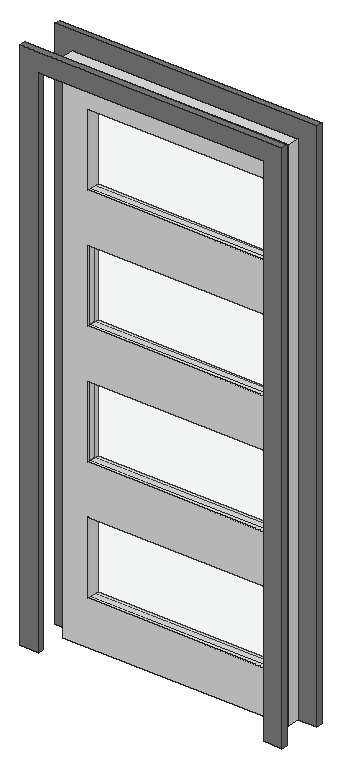
Revit family "Aus Single-Glass", category Doors, host Wall, Revit 2021
Family settings
  Host = Wall
  OmniClass Number = 23.30.10.00
  OmniClass Title = Doors
  Always vertical = Yes
  Cut with Voids When Loaded = No
  Shared = No
  Room Calculation Point = No
Parameters (values of type "0915 x 2134mm")
  Visual Light Transmittance = 0
  Thickness = 51.00 mm
  Thermal Resistance (R) = 0.2701 (m²·K)/W
  Solar Heat Gain Coefficient = 0
  Define Thermal Properties by = Schematic Type
  Construction Type Id = "MDOOR"
  Heat Transfer Coefficient (U) = 3.7021 W/(m²·K)
  Function = Interior
  Door Material = Render Material 255-255-255
  Frame Material = Default
  Height = 2134.00 mm
  Rail Width - Base = 250.00 mm
  Rail Width - Center = 200.00 mm
  Rail Width - Top = 175.00 mm
  Stile Width = 100.00 mm
  Trim Projection Ext = 25.00 mm
  Trim Projection Int = 25.00 mm
  Trim Width = 76.00 mm
  Wall Closure = By host
  Width = 925.00 mm
  Analytic Construction = "Metal"
Types (7, lengths in mm): name | Visual Light Transmittance | Thermal Resistance (R) | Solar Heat Gain Coefficient | Construction Type Id | Heat Transfer Coefficient (U) | Door Material | Frame Material | Height | Width | Analytic Construction
  0915 x 2134mm | 0 | 0.2701 (m²·K)/W | 0 | "MDOOR" | 3.7021 W/(m²·K) | Render Material 255-255-255 | Default | 2134.00 | 925.00 | "Metal"
  0864 x 2134mm | 0.9 | 0.0000 (m²·K)/W | 0.86 | "SGL" | 5.5617 W/(m²·K) | Door - Panel | Door - Frame | 2134.00 | 864.00 | "Large single-glazed windows"
  0813 x 2134mm | 0.9 | 0.0000 (m²·K)/W | 0.86 | "SGL" | 5.5617 W/(m²·K) | Door - Panel | Door - Frame | 2134.00 | 813.00 | "Large single-glazed windows"
  0762 x 2134mm | 0.9 | 0.0000 (m²·K)/W | 0.86 | "SGL" | 5.5617 W/(m²·K) | Door - Panel | Door - Frame | 2134.00 | 762.00 | "Large single-glazed windows"
  0762 x 2032mm | 0.9 | 0.0000 (m²·K)/W | 0.86 | "SGL" | 5.5617 W/(m²·K) | Door - Panel | Door - Frame | 2032.00 | 762.00 | "Large single-glazed windows"
  0915 x 2032mm | 0.9 | 0.0000 (m²·K)/W | 0.86 | "SGL" | 5.5617 W/(m²·K) | Door - Panel | Door - Frame | 2032.00 | 915.00 | "Large single-glazed windows"
  0864 x 2032mm | 0.9 | 0.0000 (m²·K)/W | 0.86 | "SGL" | 5.5617 W/(m²·K) | Door - Panel | Door - Frame | 2032.00 | 864.00 | "Large single-glazed windows"
Reference planes
  plane 1: y = 0
  plane 2: z = 0
  plane 3: x = 0
  plane 4: x = -462.5
  plane 5: x = 462.5
  plane 6: z = 2134
  plane 7: x = -362.5
  plane 8: x = 362.5
  plane 9: z = 1959
  plane 10: z = 863.6
  plane 11: z = 250
  plane 12: x = -38.1
  plane 13: x = 38.1
  plane 14: z = 1063.6
Forms (mm)
  Extrusion 1, solid, material "Render Material 255-255-255" <- "Door Material"
    sketch origin (-0.124, -219.075, 3.25) x (1, 0, 0) y (0, 0, 1)
      loop
        line (-362.376, 1977.345) -> (-362.376, 1677.345) -> (363.173, 1677.345) -> (363.173, 1977.345) -> (-362.376, 1977.345)
      loop
        line (-462.5, 2132.141) -> (-462.5, -3.25) -> (462.5, -3.25) -> (462.5, 2132.141) -> (-462.5, 2132.141)
      loop
        line (-362.376, 1477.345) -> (-362.376, 1177.345) -> (363.173, 1177.345) -> (363.173, 1477.345) -> (-362.376, 1477.345)
      loop
        line (-362.376, 977.345) -> (-362.376, 677.345) -> (363.173, 677.345) -> (363.173, 977.345) -> (-362.376, 977.345)
      loop
        line (-362.376, 477.345) -> (-362.376, 177.345) -> (363.173, 177.345) -> (363.173, 477.345) -> (-362.376, 477.345)
    from -295.28 to -244.28
  Extrusion 2, solid, material "Glass"
    sketch origin (1.317, 76.205, 1.515) x (1, 0, 0) y (0, 0, 1)
      loop
        line (-363.817, 1979.08) -> (-363.817, 1679.08) -> (361.183, 1679.08) -> (361.183, 1979.08) -> (-363.817, 1979.08)
      loop
        line (-363.268, 1479.08) -> (-363.268, 1179.08) -> (361.183, 1179.08) -> (361.183, 1479.08) -> (-363.268, 1479.08)
      loop
        line (-363.817, 479.08) -> (-363.817, 179.08) -> (361.183, 179.08) -> (361.183, 479.08) -> (-363.817, 479.08)
      loop
        line (-363.268, 979.08) -> (-363.268, 679.08) -> (361.183, 679.08) -> (361.183, 979.08) -> (-363.268, 979.08)
    from 12.7 to 38.1
  Extrusion 3, solid, material "Default" <- "Frame Material"
    sketch origin (-1524, -76.195, 0) x (1, 0, 0) y (0, 0, 1)
      loop
        line (985.5, 2210) -> (985.5, 1.391) -> (1061.376, 1.391) -> (1061.376, 2134) -> (1986.5, 2134) -> (1986.5, 0) -> (2062.5, 0) -> (2062.5, 2210) -> (985.5, 2210)
    from 0 to 25
  Extrusion 4, solid, material "Default" <- "Frame Material"
    sketch origin (-1524, 76.205, 0) x (-1, 0, 0) y (0, 0, 1)
      loop
        line (-2062.5, 2210) -> (-2062.5, 0) -> (-1986.376, 0) -> (-1986.376, 2135.391) -> (-1061.376, 2135.391) -> (-1061.376, 0) -> (-985.5, 0) -> (-985.5, 2210) -> (-2062.5, 2210)
    from 0 to 25
Lines and regions (mm)
  Opening 1
    outline origin (-1524, -76.195, 3657.6) x (0, 0, -1) y (1, 0, 0)
      loop
        line (1523.6, 1061.376) -> (3657.6, 1061.376) -> (3657.6, 1986.376) -> (1523.6, 1986.376) -> (1523.6, 1061.376)
  symbolic lines, style "DoorsPanelProjection"
    curve 1: line (462.5, 76.205, 0) -> (411.5, 76.205, 0)
    curve 2: line (462.5, 76.205, 0) -> (462.5, 1001.21, 0)
    curve 3: line (462.5, 1001.21, 0) -> (411.5, 1001.21, 0)
    curve 4: line (411.5, 76.205, 0) -> (411.5, 1001.21, 0)
  model lines, style "DoorsFrameMullionProjection"
    curve 5: line (-538.5, -76.195, 0) -> (-538.5, -76.195, 2210)
    curve 6: line (-538.5, -76.195, 2210) -> (538.5, -76.195, 2210)
    curve 7: line (538.5, -76.195, 2210) -> (538.5, -76.195, 0)
    curve 8: line (538.5, 76.205, 0) -> (538.5, 76.205, 2210)
    curve 9: line (-538.5, 76.205, 2210) -> (538.5, 76.205, 2210)
    curve 10: line (-538.5, 76.205, 2210) -> (-538.5, 76.205, 0)
  symbolic lines, style "Plan Swing"
    curve 11: arc (411.5, 1001.21, 0) -> (-210.36, 712.989, 0) -> (-463.91, 76.205, 0) r 926.41
  symbolic lines, style "Elevation Swing"
    curve 12: line (-462.624, 0, 2134) -> (462.376, 0, 1067)
    curve 13: line (462.376, 0, 1067) -> (-462.624, 0, 1.391)
Dimensions and locks
  equal spacing: plane 4, plane 3, plane 5
  "Width": plane 4 to plane 5
  locked: host wall to curve 1
  "Height": plane 6 to plane 2
  "Trim Width": plane 4 to curve 5
  "Trim Width": plane 5 to curve 7
  "Trim Width": plane 6 to curve 6
  locked: curve 9 to host wall
  "Thickness": Extrusion 1 to Extrusion 1  (x2)
  "Stile Width": plane 4 to plane 7
  plane 13 to plane 12 = 76.20 mm
  "Stile Width": plane 8 to plane 5
  Extrusion 1 to Extrusion 2 to Extrusion 2 = 12.70 mm, 25.40 mm
  "Rail Width - Top": plane 9 to plane 6
  "Rail Width - Base": host wall to plane 11
  "Rail Width - Center": plane 10 to plane 14
  "Thickness": curve 4 to plane 5
  "Trim Projection Ext": Extrusion 4 to host wall
  "Trim Projection Int": Extrusion 3 to host wall
  equal spacing: plane 6, curve 13, level
  aligned and locked: plane 2 to curve 5
  aligned and locked: curve 7 to level
  aligned and locked: host wall to Extrusion 1
  aligned and locked: curve 6 to Extrusion 3 sketch curve
  aligned and locked: curve 5 to Extrusion 3 sketch curve
  aligned and locked: Extrusion 3 sketch curve to curve 7
  aligned and locked: Extrusion 4 sketch curve to curve 6
  aligned and locked: Extrusion 4 sketch curve to curve 5
  aligned and locked: Extrusion 4 sketch curve to curve 7
Automatic sketch dimensions
  Extrusion 2 sketch curve to plane 7 = 0.00 mm  (x2)
  Extrusion 2 sketch curve to plane 14 = 616.995 mm
  Extrusion 2 sketch curve to plane 14 = 116.995 mm
  Extrusion 2 sketch curve to plane 10 = 116.995 mm
  Extrusion 2 sketch curve to plane 8 = 0.00 mm  (x2)
  plane 12 to Extrusion 2 sketch curve = 400.60 mm  (x2)
  plane 9 to Extrusion 2 sketch curve = 478.405 mm
  Extrusion 2 sketch curve to plane 13 = 400.051 mm  (x2)
  plane 11 to Extrusion 2 sketch curve = 69.405 mm
  Extrusion 2 sketch curve to plane 11 = 430.595 mm
  plane 10 to Extrusion 2 sketch curve = 383.005 mm
  Extrusion 2 sketch curve to plane 9 = 21.595 mm
  Opening 1 sketch curve to plane 6 = 0.00 mm
  Opening 1 sketch curve to level = 0.00 mm
  plane 4 to Opening 1 sketch curve = 0.124 mm
  plane 5 to Opening 1 sketch curve = 0.124 mm
  Extrusion 3 sketch curve to plane 6 = 0.00 mm
  Extrusion 3 sketch curve to level = 0.00 mm
  Extrusion 3 sketch curve to plane 5 = 0.00 mm
  plane 4 to Extrusion 3 sketch curve = 0.124 mm
  level to Extrusion 3 sketch curve = 1.391 mm
  Extrusion 4 sketch curve to level = 0.00 mm  (x2)
  plane 5 to Extrusion 4 sketch curve = 0.124 mm
  plane 4 to Extrusion 4 sketch curve = 0.124 mm
  Extrusion 4 sketch curve to plane 6 = 1.391 mm
  curve 1 to plane 5 = 0.00 mm
  curve 11 to plane 5 = 0.00 mm
  plane 4 to curve 11 = 1.41 mm
  curve 11 to host wall = 0.00 mm
  curve 12 to plane 6 = 0.00 mm
  curve 8 to level = 0.00 mm
  curve 10 to level = 0.00 mm
  curve 9 to curve 5 = 0.00 mm
  plane 5 to curve 13 = 0.124 mm
  plane 4 to curve 13 = 0.124 mm
  level to curve 13 = 1.391 mm
  curve 10 to curve 5 = 0.00 mm
  plane 4 to curve 12 = 0.124 mm
  curve 8 to curve 6 = 0.00 mm
  plane 7 to Extrusion 1 sketch curve = 0.00 mm  (x4)
  plane 4 to Extrusion 1 sketch curve = 0.124 mm
  Extrusion 1 sketch curve to plane 8 = 0.549 mm  (x4)
  plane 5 to Extrusion 1 sketch curve = 0.124 mm
  level to Extrusion 1 sketch curve = 0.00 mm
  plane 11 to Extrusion 1 sketch curve = 69.405 mm
  Extrusion 1 sketch curve to plane 11 = 230.595 mm
  Extrusion 1 sketch curve to Extrusion 1 sketch curve = 200.00 mm  (x2)
  Extrusion 1 sketch curve to plane 10 = 116.995 mm
  Extrusion 1 sketch curve to plane 14 = 116.995 mm
  Extrusion 1 sketch curve to Extrusion 1 sketch curve = 300.00 mm
  Extrusion 1 sketch curve to plane 9 = 21.595 mm
  Extrusion 1 sketch curve to plane 6 = 1.391 mm
